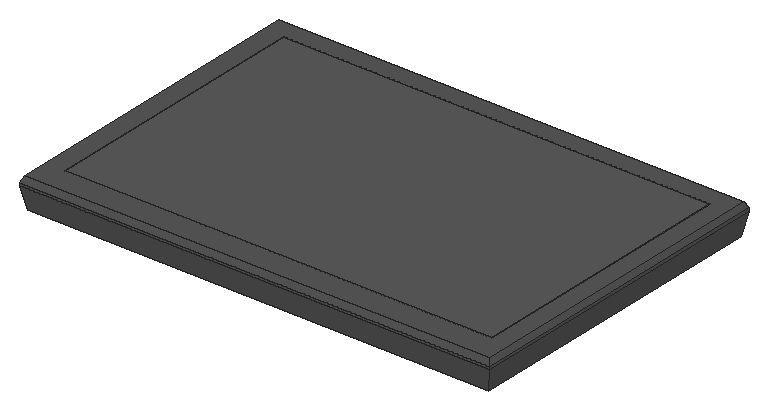
Revit family "Electronics_Touch-Panels_Biamp_Apprimo_Touch-10__", category Communication Devices, host Face, Revit 2020
Family settings
  Host = Face
  Maintain Annotation Orientation = No
  Round Connector Dimension = Use Diameter
  Part Type = Normal
  OmniClass Number = 23.85.10.17.11
  OmniClass Title = Audio-Visual System Components
  Cut with Voids When Loaded = No
  Shared = No
  Room Calculation Point = No
Parameters (values of type "Touch 10")
  Width = 9.69922"  # constant formula
  Weight = 1.20 lbf  # constant formula
  Voltage = 0 V
  Void Offset [instance] = if(Table mount, 1.00", 0.00")  # 0.00"
  Table mount plan view [instance] = not(Table mount)  # yes
  URL = "https://www.biamp.com/"
  Temperature Range = "32 - 104° F (0 - 40° C)"  # constant formula
  Table mount note = "Optional tabletop stand accessory sold separately"  # constant formula
  Table mount [instance] = no
  Sensors = "Proximity; Ambient Light"  # constant formula
  Product data url = "https://www.bimobject.com/biamp/product/apprimo-touch-10_touch-panel"
  Product Page URL = "https://www.biamp.com/products/product-families/apprimo/touch-panels#apprimo-touch-10"
  Product Documentation Link = "https://downloads.biamp.com/assets/docs/default-source/data-sheets/biamp_data_sheet_apprimo_touch_10_oct21.pdf"
  Power Factor = 1
  Offset Mount Type [instance] = if(Mount Angle = 135.00°, 2.00", 0.00")  # 0.00"
  Number of Poles = 1  # constant formula
  Network Connection = "RJ-45 with Ethernet cable (Cat 5e and above)"  # constant formula
  Mount Angle [instance] = if(Table mount, 135.00°, 180.00°)  # 180.00°
  Model = "Apprimo Touch 10"  # constant formula
  Mini USB port = "USB 2.0"  # constant formula
  Maximum Display Brightness = "350 nits"  # constant formula
  Max Power Consumption = 0 W
  Manufacturer = "Biamp"  # constant formula
  Included Accessories = "Mounting bracket  and screws, Ejector Pin, USB-OTG adapter, Polishing cloth"  # constant formula
  Humidity = "10-90% relative humidity (non-condensing)"  # constant formula
  Housing Material = Biamp - Plastic - Black
  Height = 6.67188"  # constant formula
  Display Type = "High-Contrast Capacitive Touch LCD"  # constant formula
  Display Resolution = "1280x800"  # constant formula
  Display Diagonal Size = 10.00"  # constant formula
  Description = "Apprimo Touch 10 Touch Panel"  # constant formula
  Depth = 1.60156"  # constant formula
  Default Elevation = 48.00"
  Controller Compatibility = "Impera Alfa II, Impera Lima, Impera Tango, Impera Sierra II"  # constant formula
  Connector Description = "PoE (IEEE 802.3at Class 3,15W)"  # constant formula
  Compliance = "CE marked (Europe), RoHS Directive (Europe)"  # constant formula
  Apparent Load = Max Power Consumption / Power Factor  # 0 VA
  Altitude = "0-6,600 ft (0-2000m) MSL"  # constant formula
Reference planes (in)
  plane 1 "Center (Front/Back)": y = 0
  plane 2: z = 0
  plane 3 "Center (Left/Right)": x = 0
  plane 4: z = 0
  plane 5: z = 0
  plane 6: z = -1
Forms (in)
  Extrusion 1, void
    sketch origin (0, 0, 0) x (1, 0, 0) y (0, 1, 0)
      loop
        line (-0.66379, -0.95398) -> (0.66379, -0.95398) -> (0.66379, 0.88806) -> (-0.66379, 0.88806) -> (-0.66379, -0.95398)
    from -1 to 0
Lines and regions (in)
  Masking region 1, visible <- "Table mount", detail levels medium+fine
    outline origin (0, 0, 0) x (1, 0, 0) y (0, 1, 0)
      loop
        line (-4.76212, 2.99444) -> (-4.84961, 2.73804) -> (-4.84961, -2.02362) -> (-4.7952, -2.06766) -> (4.7952, -2.06766) -> (4.84961, -2.02362) -> (4.84961, 2.73804) -> (4.76212, 2.99444) -> (-4.76212, 2.99444)
  Masking region 2, visible <- "Table mount plan view"
    outline origin (0, 0, 0) x (1, 0, 0) y (0, 1, 0)
      loop
        line (4.84961, -2.34961) -> (4.84961, 4.32227) -> (-4.84961, 4.32227) -> (-4.84961, -2.34961) -> (4.84961, -2.34961)
  Masking region 3, visible <- "Table mount", detail levels coarse
    outline origin (0, 0, 0) x (1, 0, 0) y (0, 1, 0)
      loop
        line (-4.84961, 3.0563) -> (-4.84961, -2.10613) -> (4.84961, -2.10613) -> (4.84961, 3.0563) -> (-4.84961, 3.0563)
  reference lines
    curve 1: line (0, 9.25, 0) -> (0, 0, 0)
  symbolic lines, visible <- "Table mount", detail levels medium+fine
    curve 2: line (-4.76212, 2.99444, 0) -> (4.76212, 2.99444, 0)
    curve 3: line (-4.76212, 2.99444, 0) -> (-4.84961, 2.73804, 0)
    curve 4: line (-4.84961, 2.73804, 0) -> (-4.84961, -2.02362, 0)
    curve 5: line (-4.84961, 2.6941, 0) -> (4.84961, 2.6941, 0)
    curve 6: line (-4.84961, 2.6941, 0) -> (-4.7952, 2.57313, 0)
    curve 7: line (4.7952, 2.57313, 0) -> (-4.7952, 2.57313, 0)
    curve 8: line (-4.7952, 2.57313, 0) -> (-4.7952, -2.06766, 0)
    curve 9: line (4.84961, 2.73804, 0) -> (4.76212, 2.99444, 0)
    curve 10: line (4.7952, 2.57313, 0) -> (4.84961, 2.6941, 0)
    curve 11: line (4.7952, -2.06766, 0) -> (4.7952, 2.57313, 0)
    curve 12: line (4.7952, -2.06766, 0) -> (4.7952, 2.57313, 0)
    curve 13: line (4.40395, -1.68219, 0) -> (4.40395, 2.3451, 0)
    curve 14: line (4.40395, 2.3092, 0) -> (-4.40395, 2.3092, 0)
    curve 15: line (4.84961, -2.02362, 0) -> (4.7952, -2.06766, 0)
    curve 16: line (-4.7952, -2.06766, 0) -> (4.7952, -2.06766, 0)
    curve 17: line (-4.40395, -1.68219, 0) -> (4.40395, -1.68219, 0)
    curve 18: line (-4.40395, 2.3451, 0) -> (-4.40395, -1.68219, 0)
    curve 19: line (-4.84961, -2.02362, 0) -> (-4.7952, -2.06766, 0)
    curve 20: line (4.84961, 2.73804, 0) -> (4.84961, -2.02362, 0)
  symbolic lines, visible <- "Table mount plan view", detail levels medium+fine
    curve 21: line (-4.84961, 4.32227, 0) -> (-4.7952, 4.26786, 0)
    curve 22: line (-4.7952, 4.26786, 0) -> (-4.7952, -2.2952, 0)
    curve 23: line (4.7952, 4.26786, 0) -> (-4.7952, 4.26786, 0)
    curve 24: line (-4.40395, -1.75007, 0) -> (-4.40395, 3.8946, 0)
    curve 25: line (-4.40395, 3.8946, 0) -> (4.40395, 3.8946, 0)
    curve 26: line (4.7952, 4.26786, 0) -> (4.84961, 4.32227, 0)
    curve 27: line (4.7952, -2.2952, 0) -> (4.7952, 4.26786, 0)
    curve 28: line (4.40395, 3.8946, 0) -> (4.40395, -1.75007, 0)
    curve 29: line (4.84961, -2.34961, 0) -> (4.7952, -2.2952, 0)
    curve 30: line (-4.7952, -2.2952, 0) -> (4.7952, -2.2952, 0)
    curve 31: line (4.40395, -1.75007, 0) -> (-4.40395, -1.75007, 0)
    curve 32: line (-4.84961, -2.34961, 0) -> (-4.7952, -2.2952, 0)
  symbolic lines, visible <- "Table mount plan view"
    curve 33: line (-4.84961, -2.34961, 0) -> (4.84961, -2.34961, 0)
    curve 34: line (-4.84961, 4.32227, 0) -> (-4.84961, -2.34961, 0)
    curve 35: line (4.84961, 4.32227, 0) -> (-4.84961, 4.32227, 0)
    curve 36: line (4.84961, -2.34961, 0) -> (4.84961, 4.32227, 0)
  symbolic lines, visible <- "Table mount", detail levels coarse
    curve 37: line (-4.84961, 3.0563, 0) -> (4.84961, 3.0563, 0)
    curve 38: line (4.84961, 2.6116, 0) -> (-4.84961, 2.6116, 0)
    curve 39: line (-4.84961, 3.0563, 0) -> (-4.84961, -2.10613, 0)
    curve 40: line (-4.84961, -2.10613, 0) -> (4.84961, -2.10613, 0)
    curve 41: line (4.84961, -2.10613, 0) -> (4.84961, 3.0563, 0)
Dimensions and locks (in)
  "Offset Mount Type": plane 4 to level
  locked: plane 5 to plane 6 at 1
  "Void Offset": plane 5 to level
  "Mount Angle": angle host face to curve 1
  aligned and locked: plane 2 to host face
  aligned and locked: level to host face
  aligned and locked: plane 3 "Center (Left/Right)" to nested 1
  aligned and locked: plane 4 to curve 1
  aligned and locked: plane 1 "Center (Front/Back)" to curve 1
  aligned and locked: plane 5 to Extrusion 1
  aligned and locked: Extrusion 1 to plane 6
Automatic sketch dimensions
  host sketch curve to host sketch curve = 96.00"  (x2)
  Masking region 1 sketch curve to plane 3 "Center (Left/Right)" = 4.76212"
  Masking region 1 sketch curve to plane 1 "Center (Front/Back)" = 2.99444"
  Masking region 1 sketch curve to Masking region 1 sketch curve = 0.08749"  (x2)
  plane 3 "Center (Left/Right)" to Masking region 1 sketch curve = 4.76212"
  Masking region 1 sketch curve to Masking region 1 sketch curve = 0.2564"  (x2)
  plane 1 "Center (Front/Back)" to Masking region 1 sketch curve = 2.02362"  (x2)
  plane 1 "Center (Front/Back)" to Masking region 1 sketch curve = 2.06766"
  Masking region 1 sketch curve to Masking region 1 sketch curve = 0.05441"  (x2)
  curve 35 to plane 3 "Center (Left/Right)" = 4.84961"
  plane 1 "Center (Front/Back)" to curve 19 = 2.02362"
  curve 19 to curve 33 = 0.00"
  curve 4 to curve 8 = 0.05441"
  plane 1 "Center (Front/Back)" to curve 32 = 2.2952"
  curve 33 to curve 32 = 0.05441"
  curve 3 to curve 3 = 0.08749"
  curve 8 to curve 24 = 0.39125"
  curve 17 to curve 24 = 0.00"
  plane 1 "Center (Front/Back)" to curve 31 = 1.75007"
  plane 3 "Center (Left/Right)" to curve 31 = 4.40395"
  curve 13 to curve 28 = 0.00"
  curve 13 to curve 9 = 0.35817"
  curve 28 to curve 11 = 0.39125"
  curve 25 to curve 23 = 0.39125"
  curve 7 to curve 20 = 0.05441"
  curve 27 to curve 33 = 0.05441"
  curve 36 to curve 27 = 0.05441"
  curve 19 to curve 4 = 0.04403"
  curve 11 to curve 15 = 0.04403"
  curve 28 to curve 17 = 0.06788"
  curve 11 to plane 1 "Center (Front/Back)" = 2.57313"
  curve 7 to curve 5 = 0.12098"
  curve 5 to curve 20 = 0.04394"
  curve 5 to curve 3 = 0.04394"
  curve 3 to curve 3 = 0.2564"
  curve 2 to curve 24 = 0.90016"
  curve 25 to curve 26 = 0.37325"
  curve 23 to curve 35 = 0.05441"
  curve 14 to curve 7 = 0.26393"
  curve 14 to curve 18 = 0.03591"
  curve 14 to curve 13 = 0.03591"
  curve 6 to curve 5 = 0.00"
  plane 1 "Center (Front/Back)" to Masking region 2 sketch curve = 2.34961"
  Masking region 2 sketch curve to plane 3 "Center (Left/Right)" = 4.84961"
  plane 3 "Center (Left/Right)" to Masking region 2 sketch curve = 4.84961"
  Masking region 2 sketch curve to plane 1 "Center (Front/Back)" = 4.32227"
  curve 2 to curve 37 = 0.06186"
  curve 7 to curve 38 = 0.03847"
  curve 39 to curve 37 = 0.00"
  curve 39 to curve 8 = 0.03847"
  curve 40 to curve 11 = 0.03847"
  Masking region 3 sketch curve to plane 3 "Center (Left/Right)" = 4.84961"
  Masking region 3 sketch curve to plane 1 "Center (Front/Back)" = 3.0563"
  plane 1 "Center (Front/Back)" to Masking region 3 sketch curve = 2.10613"
  plane 3 "Center (Left/Right)" to Masking region 3 sketch curve = 4.84961"
  Extrusion 1 sketch curve to plane 3 "Center (Left/Right)" = 0.66379"
  plane 3 "Center (Left/Right)" to Extrusion 1 sketch curve = 0.66379"
  plane 1 "Center (Front/Back)" to Extrusion 1 sketch curve = 0.95398"
  Extrusion 1 sketch curve to plane 1 "Center (Front/Back)" = 0.88806"
Nested families (in)
  nested 1: "Table stand TP-TS" at (0, -0.00775, 0), visible <- "Table mount", type "Table stand TP-TS"
  nested 2: "Apprimo touch 10" at (0, 0, 0), type "Apprimo Touch 10"
Connectors (in)
  electrical at (-3.05698, -0.67171, 0)
    settings: on nested 2, index 1, voltage 0 V, apparent load 0 VA, apparent load phase1 0 VA, apparent load phase2 0 VA, apparent load phase3 0 VA, power factor 1, load classification "Other", number of poles 1, system type 5, power factor state 1, is connector primary yes, connector utility no, sub classification motor no, connector description "USB 2.0"
  electrical at (0, 0.10422, -0.65039), driven by "Connector Description", driven by "Power Factor", driven by "Apparent Load", driven by "Voltage", driven by "Number of Poles"
    settings: on nested 2, index 2, voltage 0 V, apparent load 0 VA, apparent load phase1 0 VA, apparent load phase2 0 VA, apparent load phase3 0 VA, power factor 1, load classification "Other", number of poles 1, system type 31, power factor state 1, is connector primary no, connector utility no, sub classification motor no, connector description "PoE (IEEE 802.3at Class 3,15W)"
Definition of nested family "Table stand TP-TS"
  Parameters (values of type "Table stand TP-TS")
    Width = 0.00"
    Weight = 0.00 lbf
    Temperature Range = ""
    Product Page URL = ""
    Product Documentation Link = ""
    Power = ""
    Network Connection = ""
    Material Case = none
    Humidity = ""
    Height = 0.00"
    Height_2 = 0.00"
    Depth = 0.00"
    Default Elevation = 48.00"
    Compliance = ""
    Altitude = ""
  Reference planes (in)
    plane 1 "Center (Front/Back)": y = 0
    plane 2: z = 0
    plane 3 "Center (Left/Right)": x = 0
    plane 4: z = 1.99935
  Forms (in)
    Extrusion 1, solid
      sketch origin (0, 0, 0) x (1, 0, 0) y (0, 1, 0)
        loop
          line (-48, 48) -> (-48, -48) -> (48, -48) -> (48, 48) -> (-48, 48)
      from 0 to -12
    Extrusion 2, solid, material <- "Material Case"
      sketch origin (0, 0, 1.99935) x (0, 0.707107, 0.707107) y (1, 0, 0)
        loop
          line (2.26212, -3.41251) -> (2.26212, 3.41251) -> (-2.26212, 3.41251) -> (-2.26212, 2.00083) -> (-1.75007, 2.00083) -> (-0.59969, 1.13395) -> (-0.27302, 1.56746) -> (0.91567, 0.67171) -> (0.91567, 0) -> (0.91567, -0.67171) -> (-0.27302, -1.56746) -> (-0.59969, -1.13395) -> (-1.75007, -2.00083) -> (-2.26212, -2.00083) -> (-2.26212, -3.41251) -> (2.26212, -3.41251)
        loop
          circle (0.22719, -2.5) r 0.15151
        loop
          circle (0.22719, 2.5) r 0.15151
      from 0 to 0.06667
    Extrusion 3, solid, material <- "Material Case"
      sketch origin (2.53867, 0.19208, 0) x (-0.438371, 0.898794, 0) y (-0.341708, -0.166662, 0.92491)
        loop
          line (-1.97926, 0.05376) -> (1.98857, 0.05376) -> (1.69691, 3.31172) -> (-1.90178, 0.34858) -> (-1.97926, 0.05376)
      from 0 to -0.05078
    Extrusion 4, solid, material <- "Material Case"
      sketch origin (-2.53867, 0.19208, 0) x (-0.438371, -0.898794, 0) y (0.341708, -0.166662, 0.92491)
        loop
          line (-1.98839, 0.05572) -> (1.95813, 0.05572) -> (1.87552, 0.37019) -> (-1.69691, 3.3117) -> (-1.98839, 0.05572)
      from 0 to -0.05078
    Extrusion 5, solid, material <- "Material Case"
      sketch origin (0, 0, 0) x (1, 0, 0) y (0, 1, 0)
        loop
          line (-1.63922, 1.98372) -> (-3.3869, -1.59956) -> (3.38977, -1.59956) -> (1.64209, 1.98372) -> (-1.63922, 1.98372)
      from 0 to 0.05078
  Dimensions and locks (in)
    plane 4 to Extrusion 1 = 1.99935"
    Extrusion 2 sketch curve to Extrusion 2 sketch curve = 5.00"
    aligned and locked: plane 2 to Extrusion 1
    aligned and locked: level to Extrusion 1
Definition of nested family "Apprimo touch 10"
  Parameters (values of type "Apprimo Touch 10")
    Width = 9.69922"  # constant formula
    Weight = 1.20 lbf  # constant formula
    URL = ""
    Model = ""
    Material Screen = none
    Material Display = none
    Material Case = none
    Manufacturer = ""
    Height_2 = 6.67188"  # constant formula
    Description = ""
    Depth = 1.60156"  # constant formula
    Default Elevation = 48.00"
  Reference planes (in)
    plane 1 "Center (Front/Back)": y = 0
    plane 2: z = 0
    plane 3 "Center (Left/Right)": x = 0
  Forms (in)
    Extrusion 1, solid
      sketch origin (0, 0, 0) x (1, 0, 0) y (0, 1, 0)
        loop
          line (-48, 48) -> (-48, -48) -> (48, -48) -> (48, 48) -> (-48, 48)
      from 0 to -12
    Extrusion 2, solid, material <- "Material Case", detail levels medium+fine
      sketch origin (0, 0, 0) x (1, 0, 0) y (0, 1, 0)
        loop
          line (-4.84961, 4.32227) -> (-4.84961, -2.34961) -> (4.84961, -2.34961) -> (4.84961, 4.32227) -> (-4.84961, 4.32227)
      from 0 to 0.62891
    Extrusion 3, solid, material <- "Material Case"
      sketch origin (0, 0, 0) x (1, 0, 0) y (0, 1, 0)
        loop
          line (-0.66379, 0.88806) -> (-0.66379, -0.95398) -> (0.66379, -0.95398) -> (0.66379, 0.88806) -> (-0.66379, 0.88806)
      from 0 to -0.30078
    Extrusion 4, solid, material <- "Material Case"
      sketch origin (0, 0, 0) x (1, 0, 0) y (0, 1, 0)
        loop
          line (-0.66379, 0.88806) -> (-0.66379, 0.10422) -> (0.66379, 0.10422) -> (0.66379, 0.88806) -> (-0.66379, 0.88806)
      from -0.30078 to -1
    Sweep 5, void
      path in 3D
        loop
          line (4.84961, 4.32227, 0.62891) -> (-4.84961, 4.32227, 0.62891) -> (-4.84961, -2.34961, 0.62891) -> (4.84961, -2.34961, 0.62891) -> (4.84961, 4.32227, 0.62891)
      profile origin (4.84961, 0.98633, 0.62891) x (-1, 0, 0) y (0, 0, 1)
        loop
          line (0, 0) -> (0, -0.11668) -> (0.05441, 0) -> (0, 0)
        loop
          line (0, -0.17882) -> (0, -0.62891) -> (0.08749, -0.62891) -> (0, -0.17882)
    Extrusion 6, void
      sketch origin (0, 0, 0.62891) x (0, 1, 0) y (1, 0, 0)
        loop
          line (3.8946, -4.40395) -> (3.8946, 4.40395) -> (-1.75007, 4.40395) -> (-1.75007, -4.40395) -> (3.8946, -4.40395)
      from 0 to 0.05078
    Extrusion 7, solid, material <- "Material Screen", detail levels medium+fine
      sketch origin (0, 0, 0.62891) x (1, 0, 0) y (0, 1, 0)
        loop
          line (-4.40395, 3.8946) -> (-4.40395, -1.75007) -> (4.40395, -1.75007) -> (4.40395, 3.8946) -> (-4.40395, 3.8946)
      from 0 to -0.05078
    Extrusion 8, void
      sketch origin (0.66379, 0.10422, 0) x (1, 0, 0) y (0, 0, -1)
        loop
          line (-0.92759, 0.43036) -> (-0.42759, 0.43036) -> (-0.42759, 0.77036) -> (-0.92759, 0.77036) -> (-0.92759, 0.43036)
      from 0 to 0.05078
    Extrusion 9, void
      sketch origin (0.12052, 2.33876, 0) x (0, 1, 0) y (-1, 0, 0)
        loop
          line (-2.85705, 3.22753) -> (-3.16389, 3.22753) -> (-3.16389, 3.12748) -> (-2.85705, 3.12748) -> (-2.85705, 3.22753)
      from 0 to 0.05078
    Extrusion 10, solid, material <- "Material Case", detail levels coarse
      sketch origin (0, 0, 0) x (1, 0, 0) y (0, 1, 0)
        loop
          line (-4.84961, 4.32227) -> (-4.84961, -2.34961) -> (4.84961, -2.34961) -> (4.84961, 4.32227) -> (-4.84961, 4.32227)
      from 0 to 0.62891
    Extrusion 11, solid, detail levels coarse
      sketch origin (0, 0, 0.62891) x (1, 0, 0) y (0, 1, 0)
        loop
          line (-4.40395, 3.8946) -> (-4.40395, -1.75007) -> (4.40395, -1.75007) -> (4.40395, 3.8946) -> (-4.40395, 3.8946)
      from 0 to -0.05078
  Cuts and joins
    Sweep 5, Extrusion 6, Extrusion 8, Extrusion 9 cuts Extrusion 2
    Extrusion 8, Extrusion 9 cuts Extrusion 3
    Extrusion 8, Extrusion 9 cuts Extrusion 4
    joined: Extrusion 3, Extrusion 4
    Extrusion 6 cuts Extrusion 10
  Lines and regions (in)
    Masking region 1
      outline origin (0, 0, 0.62891) x (1, 0, 0) y (0, 1, 0)
        loop
          line (-4.84961, 4.32227) -> (-4.84961, -2.34961) -> (4.84961, -2.34961) -> (4.84961, 4.32227) -> (-4.84961, 4.32227)
    Masking region 2, detail levels medium+fine
      outline origin (0, 0, 0) x (1, 0, 0) y (0, 0, 1)
        loop
          line (-4.84961, 0.45009) -> (-4.76212, 0) -> (4.76212, 0) -> (4.84961, 0.45009) -> (4.84961, 0.51223) -> (4.7952, 0.62891) -> (-4.7952, 0.62891) -> (-4.84961, 0.51223) -> (-4.84961, 0.45009)
    Masking region 3, detail levels coarse
      outline origin (0, 0, 0) x (1, 0, 0) y (0, 0, 1)
        loop
          line (-4.84961, 0.62891) -> (-4.84961, 0) -> (4.84961, 0) -> (4.84961, 0.62891) -> (-4.84961, 0.62891)
    sketch lines
      curve 1: line (4.84961, -2.34961, 0.62891) -> (4.84961, 4.32227, 0.62891)
      curve 2: line (4.84961, 4.32227, 0.62891) -> (-4.84961, 4.32227, 0.62891)
      curve 3: line (-4.84961, 4.32227, 0.62891) -> (-4.84961, -2.34961, 0.62891)
      curve 4: line (-4.84961, -2.34961, 0.62891) -> (4.84961, -2.34961, 0.62891)
    symbolic lines
      curve 5: line (4.7952, -1.2452, 0.62891) -> (4.7952, 3.479, 0.62891)
      curve 6: line (4.7952, -1.2452, 0.62891) -> (4.7952, 3.479, 0.62891)
      curve 7: line (-4.40395, 3.8946, 0.62891) -> (4.40395, 3.8946, 0.62891)
      curve 8: line (-4.40395, -1.75007, 0.62891) -> (-4.40395, 3.8946, 0.62891)
      curve 9: line (4.40395, -1.75007, 0.62891) -> (-4.40395, -1.75007, 0.62891)
      curve 10: line (4.40395, 3.8946, 0.62891) -> (4.40395, -1.75007, 0.62891)
      curve 11: line (-4.84961, 4.32227, 0.62891) -> (-4.7952, 4.26786, 0.62891)
      curve 12: line (4.7952, 4.26786, 0.62891) -> (-4.7952, 4.26786, 0.62891)
      curve 13: line (-4.7952, 4.26786, 0.62891) -> (-4.7952, -2.2952, 0.62891)
      curve 14: line (-4.84961, -2.34961, 0.62891) -> (-4.7952, -2.2952, 0.62891)
      curve 15: line (-4.7952, -2.2952, 0.62891) -> (4.7952, -2.2952, 0.62891)
      curve 16: line (4.7952, -2.2952, 0.62891) -> (4.7952, 4.26786, 0.62891)
      curve 17: line (4.84961, -2.34961, 0.62891) -> (4.7952, -2.2952, 0.62891)
      curve 18: line (4.7952, 4.26786, 0.62891) -> (4.84961, 4.32227, 0.62891)
    symbolic lines, detail levels medium+fine
      curve 19: line (-4.84961, 0, 0.51223) -> (4.84961, 0, 0.51223)
      curve 20: line (4.84961, 0, 0.45009) -> (-4.84961, 0, 0.45009)
  Dimensions and locks (in)
    equal spacing: Extrusion 2 sketch curve, plane 3 "Center (Left/Right)", Extrusion 2 sketch curve
    "Width": Extrusion 2 sketch curve to Extrusion 2 sketch curve
    "Height_2": Extrusion 2 sketch curve to Extrusion 2 sketch curve
    equal spacing: Extrusion 3 sketch curve, plane 3 "Center (Left/Right)", Extrusion 3 sketch curve
    locked: plane 1 "Center (Front/Back)" to Extrusion 2 sketch curve at 2.34961
    aligned and locked: plane 2 to Extrusion 1
    aligned and locked: level to Extrusion 1
    aligned and locked: Extrusion 4 sketch curve to Extrusion 3  (x3)
    aligned and locked: Extrusion 4 to Extrusion 3
    aligned and locked: Masking region 1 sketch curve to cut or joined group of Extrusion 2, Sweep 5, Extrusion 6, Extrusion 8, Extrusion 9  (x4)
    aligned and locked: Extrusion 10 sketch curve to cut or joined group of Extrusion 2, Sweep 5, Extrusion 6, Extrusion 8, Extrusion 9  (x4)
    aligned and locked: curve 8 to Extrusion 7
    aligned and locked: curve 7 to Extrusion 7
    aligned and locked: curve 9 to Extrusion 7
    aligned and locked: curve 11 to cut or joined group of Extrusion 2, Sweep 5, Extrusion 6, Extrusion 8, Extrusion 9
    aligned and locked: curve 14 to cut or joined group of Extrusion 2, Sweep 5, Extrusion 6, Extrusion 8, Extrusion 9
    aligned and locked: curve 17 to cut or joined group of Extrusion 2, Sweep 5, Extrusion 6, Extrusion 8, Extrusion 9
    aligned and locked: curve 18 to cut or joined group of Extrusion 2, Sweep 5, Extrusion 6, Extrusion 8, Extrusion 9
    aligned and locked: Extrusion 6 sketch curve to Extrusion 7  (x4)
  Automatic sketch dimensions
    Extrusion 1 sketch curve to Extrusion 1 sketch curve = 96.00"  (x2)
    Extrusion 3 sketch curve to plane 3 "Center (Left/Right)" = 0.66379"
    plane 1 "Center (Front/Back)" to Extrusion 3 sketch curve = 0.95398"
    Extrusion 3 sketch curve to plane 1 "Center (Front/Back)" = 0.88806"
    Extrusion 4 sketch curve to plane 1 "Center (Front/Back)" = 0.10422"
    Sweep 5 sketch curve to profile plane = 0.00"  (x3)
    Sweep 5 sketch curve to profile plane = 0.05441"
    Sweep 5 sketch curve to profile plane = 0.08749"
    Sweep 5 sketch curve to profile plane = 0.11668"
    Sweep 5 sketch curve to Sweep 5 sketch curve = 0.06214"
    Sweep 5 sketch curve to Sweep 5 sketch curve = 0.45009"
    Extrusion 7 sketch curve to Extrusion 2 = 0.44566"  (x2)
    Extrusion 7 sketch curve to Extrusion 2 = 0.59954"
    Extrusion 7 sketch curve to Extrusion 2 = 0.42766"
    Extrusion 8 sketch curve to Extrusion 4 = 0.39998"
    Extrusion 8 sketch curve to Extrusion 4 = 0.12957"
    Extrusion 4 to Extrusion 8 sketch curve = 0.42759"
    Extrusion 8 sketch curve to Extrusion 4 = 0.22964"
    Extrusion 2 to Extrusion 9 sketch curve = 1.7426"
    Extrusion 2 to Extrusion 9 sketch curve = 1.52448"
    Extrusion 9 sketch curve to Extrusion 9 sketch curve = 0.30683"
    Extrusion 9 sketch curve to Extrusion 9 sketch curve = 0.10005"
    curve 10 to Extrusion 2 = 0.44566"
    curve 5 to curve 7 = 0.4156"
    curve 10 to curve 5 = 0.50487"
    curve 11 to Extrusion 2 = 0.00"
    curve 14 to Extrusion 2 = 0.00"
    curve 17 to Extrusion 2 = 0.00"
    curve 18 to Extrusion 2 = 0.00"
    curve 13 to Extrusion 2 = 0.05441"
    curve 6 to Extrusion 2 = 0.05441"
    Extrusion 11 sketch curve to Extrusion 2 = 0.44566"  (x2)
    Extrusion 11 sketch curve to Extrusion 2 = 0.59954"
    Extrusion 11 sketch curve to Extrusion 2 = 0.42766"
    Masking region 2 sketch curve to level = 0.00"
    level to Masking region 2 sketch curve = 0.51223"
    Masking region 2 sketch curve to plane 3 "Center (Left/Right)" = 4.84961"
    level to Masking region 2 sketch curve = 0.62891"
    Masking region 2 sketch curve to Masking region 2 sketch curve = 0.05441"  (x2)
    plane 3 "Center (Left/Right)" to Masking region 2 sketch curve = 4.76212"
    Masking region 2 sketch curve to Masking region 2 sketch curve = 0.03308"
    level to Masking region 2 sketch curve = 0.45009"  (x2)
    Masking region 2 sketch curve to Masking region 2 sketch curve = 0.06214"
    Masking region 2 sketch curve to Masking region 2 sketch curve = 0.08749"
    level to curve 20 = 0.45009"
    curve 20 to plane 3 "Center (Left/Right)" = 4.84961"
    curve 19 to curve 20 = 0.00"  (x2)
    plane 3 "Center (Left/Right)" to curve 20 = 4.84961"
    curve 20 to curve 19 = 0.06214"
    Masking region 3 sketch curve to level = 0.00"
    Masking region 3 sketch curve to plane 3 "Center (Left/Right)" = 4.84961"
    plane 3 "Center (Left/Right)" to Masking region 3 sketch curve = 4.84961"
    Masking region 3 sketch curve to Masking region 3 sketch curve = 0.62891"
  Connectors (in)
    electrical at (-3.05698, -0.67171, 0.05078)
      settings: on cut or joined group of Extrusion 2, Sweep 5, Extrusion 6, Extrusion 8, Extrusion 9, index 1, voltage 0 V, apparent load 0 VA, apparent load phase1 0 VA, apparent load phase2 0 VA, apparent load phase3 0 VA, power factor 1, load classification none, number of poles 1, system type 5, power factor state 1, is connector primary yes, connector utility no, sub classification motor no, connector description "USB"
    electrical at (-0.01381, 0.10422, -0.60036)
      settings: on cut or joined group of Extrusion 2, Sweep 5, Extrusion 6, Extrusion 8, Extrusion 9, index 2, voltage 0 V, apparent load 0 VA, apparent load phase1 0 VA, apparent load phase2 0 VA, apparent load phase3 0 VA, power factor 1, load classification none, number of poles 1, system type 31, power factor state 1, is connector primary no, connector utility no, sub classification motor no, connector description "PoE (IEEE 802.3at Class 3,15W)"
